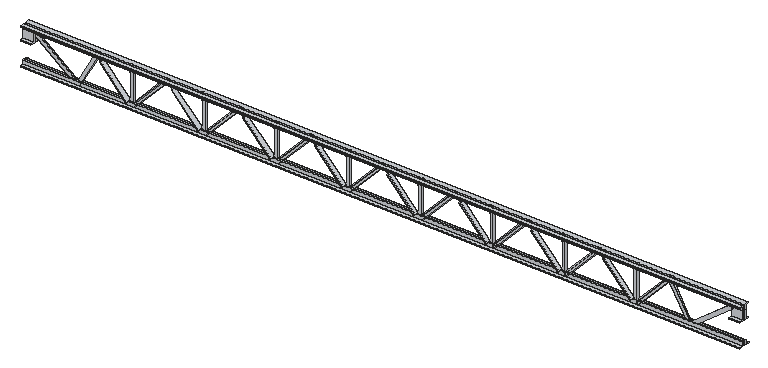
Revit family
Parameters (values of type "508G")
  웹 두께 = 25 mm
  수직 부재 가시성 = yes
  시작 간격띄우기 [instance] = 0 mm
  상단 현재 시작 확장 [instance] = 0 mm
  SpaceNum [instance] = 10
  좌석 길이 = 150 mm
  좌석 깊이 [instance] = 190 mm
  렌더링 재료 = none
  PanelWidth [instance] = Length / SpaceNum  # 1000 mm
  PanelArrayNum [instance] = SpaceNum - 2  # 8
  Panel Point Load [instance] = 18.00 kN
  간격띄우기 길이 2 [instance] = 끝 패널 - 끝 간격띄우기 + 하단 현재 끝 확장  # 1000 mm
  간격띄우기 길이 1 [instance] = 끝 패널 - 시작 간격띄우기 + 하단 현재 시작 확장  # 1000 mm
  간격띄우기 길이 [instance] = 0.3 * (끝 패널 - 시작 간격띄우기 - 좌석 길이)  # 255 mm
  Girder Type = "G"
  끝 패널 [instance] = PanelWidth  # 1000 mm
  끝 간격띄우기 [instance] = 0 mm
  상단 현재 끝 확장 [instance] = 0 mm
  Depth = 508 mm
  현재 다리 = 63.5 mm
  현재 두께 = 12.5 mm
  하단 현재 시작 확장 [instance] = 0 mm
  하단 현재 끝 확장 [instance] = 0 mm
  Assembly Code = "B1010350"
  Length [instance] = 10000 mm
Reference planes
  plane 1 "중심(앞/뒤)": y = 0
  plane 2: z = 0
  plane 3 "중심(왼쪽/오른쪽)": x = 540.246
  plane 4 "왼쪽 부재": x = -3551.39
  plane 5 "오른쪽 부재": x = 3560.61
  plane 6: y = 76
  plane 7: y = -76
  plane 8: z = 254
  plane 9: z = -254
  plane 10 "왼쪽": x = -4459.754
  plane 11 "기호를 왼쪽에 부착": x = -3500.59
  plane 12 "기호를 오른쪽에 부착": x = 3509.81
  plane 13 "오른쪽": x = 5540.246
  plane 14: z = 64
  plane 15: x = -4309.754
  plane 16: x = -3459.754
  plane 17: x = 5390.246
  plane 18: x = 4540.246
  plane 19: y = 12.5
  plane 20: y = -12.5
  plane 21: z = 190.5
  plane 22: z = -190.5
  plane 23: z = -247.65
  plane 24: z = 247.65
  plane 25: x = -4459.754
  plane 26: x = 5540.246
  plane 27: x = -4459.754
  plane 28: x = 5540.246
  plane 29: x = -3714.754
  plane 30: x = 3540.246
  plane 31: x = 4795.246
  plane 32: x = -4459.754
  plane 33: x = 5540.246
Forms (mm)
  Extrusion 1, solid, material <- "렌더링 재료", detail levels medium+fine
    sketch origin (540.246, 0, 0) x (0, 1, 0) y (0, 0, 1)
      loop
        line (76, 254) -> (12.5, 254) -> (12.5, 190.5) -> (25, 190.5) -> (25, 241.5) -> (76, 241.5) -> (76, 254)
      loop
        line (-76, 254) -> (-76, 241.5) -> (-25, 241.5) -> (-25, 190.5) -> (-12.5, 190.5) -> (-12.5, 254) -> (-76, 254)
    from -5000 to 5000
  Extrusion 2, solid, material <- "렌더링 재료", detail levels medium+fine
    sketch origin (540.246, 0, 0) x (0, 1, 0) y (0, 0, 1)
      loop
        line (12.5, -190.5) -> (12.5, -254) -> (76, -254) -> (76, -241.5) -> (25, -241.5) -> (25, -190.5) -> (12.5, -190.5)
      loop
        line (-12.5, -190.5) -> (-25, -190.5) -> (-25, -241.5) -> (-76, -241.5) -> (-76, -254) -> (-12.5, -254) -> (-12.5, -190.5)
    from -5000 to 5000
  Extrusion 3, solid, material <- "렌더링 재료", detail levels medium+fine
    sketch origin (540.246, 0, 0) x (0, 1, 0) y (0, 0, 1)
      loop
        line (76, 64) -> (76, 76.5) -> (25, 76.5) -> (25, 190.5) -> (12.5, 190.5) -> (12.5, 64) -> (76, 64)
      loop
        line (-76, 64) -> (-12.5, 64) -> (-12.5, 190.5) -> (-25, 190.5) -> (-25, 76.5) -> (-76, 76.5) -> (-76, 64)
    from 4850 to 5000
  Extrusion 4, solid, material <- "렌더링 재료", detail levels medium+fine
    sketch origin (540.246, 0, 0) x (0, 1, 0) y (0, 0, 1)
      loop
        line (-76, 64) -> (-12.5, 64) -> (-12.5, 190.5) -> (-25, 190.5) -> (-25, 76.5) -> (-76, 76.5) -> (-76, 64)
      loop
        line (12.5, 64) -> (76, 64) -> (76, 76.5) -> (25, 76.5) -> (25, 190.5) -> (12.5, 190.5) -> (12.5, 64)
    from -5000 to -4850
  Sweep 5, solid, material <- "렌더링 재료", detail levels fine
    path in 3D
      loop
        line (4795.246, 0, -247.65) -> (5390.246, 0, 190.5)
    profile "웹-프로파일 : 웹-프로파일" origin (5092.746, 0, -28.575) x (-0.592961, 0, 0.805231) y (0, -1, 0)
      loop
        line (-25.4, 18.85) -> (-25.4, 6.15) -> (25.4, 6.15) -> (25.4, 18.85) -> (-25.4, 18.85)
  Sweep 6, solid, material <- "렌더링 재료", detail levels fine
    path in 3D
      loop
        line (4540.246, 0, 190.5) -> (4795.246, 0, -247.65)
    profile "웹-프로파일 : 웹-프로파일" origin (4667.746, 0, -28.575) x (0.864283, 0, 0.503006) y (0, -1, 0)
      loop
        line (-25.4, 6.35) -> (-25.4, -6.35) -> (25.4, -6.35) -> (25.4, 6.35) -> (-25.4, 6.35)
  Sweep 7, solid, material <- "렌더링 재료", detail levels fine
    path in 3D
      loop
        line (-4309.754, 0, 190.5) -> (-3714.754, 0, -247.65)
    profile "웹-프로파일 : 웹-프로파일" origin (-4012.254, 0, -28.575) x (0.592961, 0, 0.805231) y (0, -1, 0)
      loop
        line (-25.4, 6.35) -> (-25.4, -6.35) -> (25.4, -6.35) -> (25.4, 6.35) -> (-25.4, 6.35)
  Sweep 8, solid, material <- "렌더링 재료", detail levels fine
    path in 3D
      loop
        line (-3714.754, 0, -247.65) -> (-3459.754, 0, 190.5)
    profile "웹-프로파일 : 웹-프로파일" origin (-3587.254, 0, -28.575) x (-0.864283, 0, 0.503006) y (0, -1, 0)
      loop
        line (-25.4, 6.35) -> (-25.4, -6.35) -> (25.4, -6.35) -> (25.4, 6.35) -> (-25.4, 6.35)
Lines and regions (mm)
  symbolic lines, style "StructuralFraming", detail levels coarse
    curve 1: line (0, 76, 254) -> (0, 12.5, 254)
    curve 2: line (0, -76, -254) -> (0, -12.5, -254)
    curve 14: line (0, 12.5, -254) -> (0, 76, -254)
    curve 15: line (540.246, 12.5, -254) -> (540.246, 12.5, -190.5)
    curve 16: line (540.246, -12.5, -254) -> (540.246, -12.5, -190.5)
    curve 17: line (540.246, -12.5, 254) -> (540.246, -12.5, 190.5)
    curve 18: line (540.246, 12.5, 254) -> (540.246, 12.5, 190.5)
    curve 19: line (0, -12.5, 254) -> (0, -76, 254)
  symbolic lines, style "StructuralFraming", detail levels coarse+medium
    curve 3: line (0, 0, -254) -> (0, 0, 254)
  reference lines
    curve 4: line (-3350.59, 0, -377.508) -> (-3350.59, 0, 333.692)
    curve 5: line (-2350.59, 0, -383.858) -> (-2350.59, 0, 333.692)
    curve 6: line (3359.81, 0, -324.588) -> (3359.81, 0, 335.812)
    curve 7: line (2359.81, 0, -451.588) -> (2359.81, 0, 335.812)
  model lines, style "조이스트 대들보", detail levels coarse
    curve 8: line (2359.81, 0, -254) -> (-2350.59, 0, -254)
    curve 9: line (3509.81, 0, 254) -> (-3500.59, 0, 254)
  model lines, style "StructuralFraming", detail levels medium
    curve 10: line (-3714.754, 0, -247.65) -> (-3459.754, 0, 190.5)
    curve 11: line (-4309.754, 0, 190.5) -> (-3714.754, 0, -247.65)
    curve 12: line (4540.246, 0, 190.5) -> (4795.246, 0, -247.65)
    curve 13: line (4795.246, 0, -247.65) -> (5390.246, 0, 190.5)
  model lines, style "웹 조이스트", detail levels coarse
    curve 20: line (-2350.59, 0, -254) -> (-3350.59, 0, 254)
    curve 21: line (2359.81, 0, -254) -> (3359.81, 0, 254)
  sketch lines
    curve 22: line (4795.246, 0, -247.65) -> (5390.246, 0, 190.5)
    curve 23: line (4540.246, 0, 190.5) -> (4795.246, 0, -247.65)
    curve 24: line (-4309.754, 0, 190.5) -> (-3714.754, 0, -247.65)
    curve 25: line (-3714.754, 0, -247.65) -> (-3459.754, 0, 190.5)
  symbolic lines, detail levels fine
    curve 26: line (540.246, 12.5, 247.65) -> (540.246, -12.5, 247.65)
    curve 27: line (540.246, 12.5, -247.65) -> (540.246, -12.5, -247.65)
    curve 28: line (540.246, 12.5, -190.5) -> (540.246, 12.5, 190.5)
    curve 29: line (540.246, -12.5, -190.5) -> (540.246, -12.5, 190.5)
Dimensions and locks
  equal spacing: plane 9, plane 2, plane 8
  "Length": plane 10 "왼쪽" to plane 13 "오른쪽"
  equal spacing: plane 10 "왼쪽", plane 3 "중심(왼쪽/오른쪽)", plane 13 "오른쪽"
  "좌석 길이": curve 4 to plane 11 "기호를 왼쪽에 부착"
  "끝 패널": curve 5 to curve 4
  "좌석 길이": curve 6 to plane 12 "기호를 오른쪽에 부착"
  "끝 패널": curve 6 to curve 7
  "Depth": plane 9 to plane 8
  "좌석 깊이": plane 8 to plane 14
  "끝 패널": plane 10 "왼쪽" to plane 16
  "끝 패널": plane 13 "오른쪽" to plane 18
  "웹 두께": plane 19 to plane 20
  equal spacing: plane 19, plane 1 "중심(앞/뒤)", plane 20
  "현재 다리": plane 20 to plane 7
  "현재 다리": plane 6 to plane 19
  "현재 다리": plane 9 to plane 22
  "현재 다리": plane 21 to plane 8
  "현재 두께": plane 8 to Extrusion 1 sketch curve
  "현재 두께": Extrusion 1 sketch curve to plane 8
  "현재 두께": plane 20 to Extrusion 1 sketch curve
  "현재 두께": Extrusion 1 sketch curve to plane 19
  "현재 두께": plane 9 to Extrusion 2 sketch curve  (x2)
  "현재 두께": Extrusion 2 sketch curve to plane 19
  "현재 두께": plane 20 to Extrusion 2 sketch curve
  "현재 두께": plane 14 to Extrusion 3 sketch curve  (x2)
  "현재 두께": plane 20 to Extrusion 3 sketch curve
  "현재 두께": Extrusion 3 sketch curve to plane 19
  "현재 두께": plane 14 to Extrusion 4 sketch curve  (x2)
  "현재 두께": Extrusion 4 sketch curve to plane 19
  "현재 두께": plane 20 to Extrusion 4 sketch curve
  locked: plane 23 to plane 9 at 6.35
  locked: plane 8 to plane 24 at 6.35
  "시작 간격띄우기": plane 10 "왼쪽" to plane 27
  "좌석 길이": plane 27 to plane 15
  "상단 현재 시작 확장": plane 25 to plane 27
  "끝 간격띄우기": plane 28 to plane 13 "오른쪽"
  "좌석 길이": plane 17 to plane 28
  "상단 현재 끝 확장": plane 28 to plane 26
  "간격띄우기 길이": plane 16 to plane 29
  "PanelWidth": plane 18 to plane 30
  equal spacing: group 1, group 3, group 4, group 5, group 6, group 7, group 8, group 2  (x3)
  "간격띄우기 길이": plane 31 to plane 18
  "간격띄우기 길이 1": plane 16 to plane 32
  "간격띄우기 길이 2": plane 33 to plane 18
  aligned and locked: curve 8 to plane 9
  aligned and locked: curve 9 to plane 8
  aligned and locked: plane 11 "기호를 왼쪽에 부착" to curve 9
  aligned and locked: curve 5 to curve 8
  aligned and locked: curve 7 to curve 8
  aligned and locked: plane 8 to Extrusion 1 sketch curve
  aligned and locked: Extrusion 1 sketch curve to plane 8
  aligned and locked: plane 6 to Extrusion 1 sketch curve
  aligned and locked: plane 7 to Extrusion 1 sketch curve
  aligned and locked: Extrusion 1 sketch curve to plane 21
  aligned and locked: plane 21 to Extrusion 1 sketch curve
  aligned and locked: plane 9 to Extrusion 2 sketch curve
  aligned and locked: Extrusion 2 sketch curve to plane 9
  aligned and locked: plane 6 to Extrusion 2 sketch curve
  aligned and locked: plane 7 to Extrusion 2 sketch curve
  aligned and locked: plane 19 to Extrusion 2 sketch curve
  aligned and locked: plane 20 to Extrusion 2 sketch curve
  aligned and locked: Extrusion 2 sketch curve to plane 22
  aligned and locked: plane 22 to Extrusion 2 sketch curve
  aligned and locked: Extrusion 3 sketch curve to plane 7
  aligned and locked: plane 14 to Extrusion 3 sketch curve
  aligned and locked: Extrusion 3 sketch curve to plane 14
  aligned and locked: Extrusion 3 sketch curve to plane 6
  aligned and locked: Extrusion 3 sketch curve to plane 20
  aligned and locked: Extrusion 3 sketch curve to plane 19
  aligned and locked: Extrusion 3 sketch curve to plane 21
  aligned and locked: plane 21 to Extrusion 3 sketch curve
  aligned and locked: Extrusion 3 to plane 17
  aligned and locked: plane 6 to Extrusion 4 sketch curve
  aligned and locked: Extrusion 4 sketch curve to plane 7
  aligned and locked: Extrusion 4 sketch curve to plane 19
  aligned and locked: plane 20 to Extrusion 4 sketch curve
  aligned and locked: plane 21 to Extrusion 4 sketch curve  (x2)
  aligned and locked: Extrusion 4 sketch curve to plane 14  (x2)
  aligned and locked: plane 15 to Extrusion 4
  aligned and locked: Extrusion 2 to curve 15
  aligned and locked: curve 15 to Extrusion 2
  aligned and locked: curve 2 to curve 16
  aligned and locked: curve 16 to Extrusion 2
  aligned and locked: Extrusion 1 to curve 17
  aligned and locked: curve 17 to Extrusion 1
  aligned and locked: curve 18 to Extrusion 1  (x2)
  aligned and locked: curve 1 to Extrusion 1
  aligned and locked: plane 12 "기호를 오른쪽에 부착" to curve 9
  aligned and locked: curve 13 to Extrusion 3
  aligned and locked: curve 4 to curve 20
  aligned and locked: curve 6 to curve 21
  aligned and locked: plane 25 to Extrusion 1
  aligned and locked: Extrusion 3 to plane 26
  aligned and locked: Extrusion 1 to plane 26
  aligned and locked: plane 25 to Extrusion 4
  aligned and locked: plane 1 "중심(앞/뒤)" to nested 1
  aligned and locked: nested 1 to plane 16
  aligned and locked: plane 9 to nested 1
  aligned and locked: plane 30 to nested 2
  aligned and locked: plane 9 to nested 2
  aligned and locked: plane 15 to curve 11
  aligned and locked: Extrusion 1 to curve 11
  aligned and locked: plane 29 to curve 11
  aligned and locked: plane 23 to curve 10
  aligned and locked: plane 16 to curve 10
  aligned and locked: Extrusion 1 to curve 10
  aligned and locked: Extrusion 1 to curve 12
  aligned and locked: plane 18 to curve 12
  aligned and locked: plane 23 to curve 13
  aligned and locked: plane 31 to curve 13
  aligned and locked: plane 17 to curve 13
  aligned and locked: Extrusion 2 to plane 32
  aligned and locked: plane 33 to Extrusion 2
Automatic sketch dimensions
  Extrusion 1 sketch curve to plane 20 = 0 mm
  Extrusion 1 sketch curve to plane 19 = 0 mm
  curve 14 to plane 6 = 0 mm
  curve 1 to plane 6 = 0 mm
  curve 14 to plane 9 = 0 mm
  curve 14 to plane 19 = 0 mm
  curve 1 to plane 19 = 0 mm
  curve 19 to plane 8 = 0 mm
  curve 19 to plane 20 = 0 mm
  curve 19 to plane 7 = 0 mm
  plane 9 to curve 7 = 197.588 mm
  plane 9 to curve 5 = 129.858 mm
  plane 9 to curve 4 = 123.508 mm
  plane 9 to curve 6 = 70.588 mm
  curve 5 to plane 8 = 79.692 mm
  curve 4 to plane 8 = 79.692 mm
  curve 7 to plane 8 = 81.812 mm
  curve 6 to plane 8 = 81.812 mm
  curve 2 to plane 7 = 0 mm
  curve 2 to plane 9 = 0 mm
  curve 2 to plane 20 = 0 mm
  curve 3 to plane 1 "중심(앞/뒤)" = 0 mm
  curve 3 to plane 9 = 0 mm
  curve 27 to plane 23 = 0 mm
  curve 29 to plane 22 = 0 mm
  curve 28 to plane 22 = 0 mm
  curve 18 to plane 21 = 0 mm
  curve 17 to plane 21 = 0 mm
  curve 26 to plane 24 = 0 mm
  curve 3 to plane 8 = 0 mm
Nested families
  nested 1: "G 경사 웨브" at (-3459.754, 0, 0), type "G 경사 웨브"
    with 웹 두께 12.5 mm, 두께 25 mm, PanelHeight 508 mm, PanelWidth 1000 mm
  nested 2: "G 경사 웨브" at (3540.246, 0, 0), type "G 경사 웨브"
    with 웹 두께 12.5 mm, 두께 25 mm, PanelHeight 508 mm, PanelWidth 1000 mm
  nested 3: "G 경사 웨브" at (-2459.754, 0, 0), type "G 경사 웨브"
    with 웹 두께 12.5 mm, 두께 25 mm, PanelHeight 508 mm, PanelWidth 1000 mm
  nested 4: "G 경사 웨브" at (-1459.754, 0, 0), type "G 경사 웨브"
    with 웹 두께 12.5 mm, 두께 25 mm, PanelHeight 508 mm, PanelWidth 1000 mm
  nested 5: "G 경사 웨브" at (-459.754, 0, 0), type "G 경사 웨브"
    with 웹 두께 12.5 mm, 두께 25 mm, PanelHeight 508 mm, PanelWidth 1000 mm
  nested 6: "G 경사 웨브" at (540.246, 0, 0), type "G 경사 웨브"
    with 웹 두께 12.5 mm, 두께 25 mm, PanelHeight 508 mm, PanelWidth 1000 mm
  nested 7: "G 경사 웨브" at (1540.246, 0, 0), type "G 경사 웨브"
    with 웹 두께 12.5 mm, 두께 25 mm, PanelHeight 508 mm, PanelWidth 1000 mm
  nested 8: "G 경사 웨브" at (2540.246, 0, 0), type "G 경사 웨브"
    with 웹 두께 12.5 mm, 두께 25 mm, PanelHeight 508 mm, PanelWidth 1000 mm
Definition of nested family "G 경사 웨브"
  Parameters (values of type "G 경사 웨브")
    웹 재료 = none
    웹 두께 = 두께 / 2  # 12.7 mm
    웹 간격띄우기 = 웹 다리 / 2  # 25.4 mm
    웹 다리 = 50.8 mm
    수직 부재 가시성 = yes
    두께 = 25.4 mm
    PanelHeight = 609.6 mm
    PanelWidth = 1828.8 mm
    Assembly Code = ""
  Reference planes
    plane 1 "중심(앞/뒤)": y = 0
    plane 2: z = 0
    plane 3 "중심(왼쪽/오른쪽)": x = 0
    plane 4: x = 1828.8
    plane 5: x = 914.4
    plane 6: z = -304.8
    plane 7: z = 279.4
    plane 8: z = 304.8
    plane 9: y = -12.7
    plane 10: y = 12.7
    plane 11: z = 241.3
    plane 12: z = -241.3
    plane 13: z = -279.4
  Forms (mm)
    Sweep 1, solid, material <- "웹 재료", detail levels fine
      path in 3D
        loop
          line (0, 0, 279.4) -> (25.4, 0, 279.4) -> (889, 0, -279.4) -> (939.8, 0, -279.4)
      profile origin (12.7, 0, 279.4) x (0, 0, 1) y (0, -1, 0)
        loop
          line (25.4, 0) -> (25.4, 12.7) -> (-25.4, 12.7) -> (-25.4, 0) -> (25.4, 0)
    Sweep 2, solid, material <- "웹 재료", detail levels fine
      path in 3D
        loop
          line (1828.8, 0, 279.4) -> (1803.4, 0, 279.4) -> (939.8, 0, -279.4) -> (889, 0, -279.4)
      profile origin (1816.1, 0, 279.4) x (0, 0, -1) y (0, -1, 0)
        loop
          line (-25.4, -12.7) -> (25.4, -12.7) -> (25.4, 0) -> (-25.4, 0) -> (-25.4, -12.7)
    Sweep 3, solid, material <- "웹 재료", detail levels fine
      path origin (0, -12.7, 254) x (1, 0, 0) y (0, 0, 1)
        loop
          line (876.874, -495.3) -> (131.037, -12.7)
      profile origin (503.956, -12.7, 0) x (-0.543251, 0, -0.83957) y (0, -1, 0)
        loop
          line (0, 0) -> (12.7, 0) -> (12.7, 50.8) -> (0, 50.8) -> (0, 0)
    Sweep 4, solid, material <- "웹 재료", detail levels fine
      path origin (1828.8, 12.7, 254) x (-1, 0, 0) y (0, 0, 1)
        loop
          line (876.874, -495.3) -> (131.037, -12.7)
      profile origin (1324.844, 12.7, 0) x (0.543251, 0, -0.83957) y (0, 1, 0)
        loop
          line (0, 0) -> (12.7, 0) -> (12.7, 50.8) -> (0, 50.8) -> (0, 0)
    Sweep 5, solid, material <- "웹 재료", visible <- "수직 부재 가시성", detail levels fine
      path origin (0, 0, 0) x (1, 0, 0) y (0, 1, 0)
        loop
          line (914.4, 12.7) -> (914.4, -12.7)
      profile origin (914.4, 0, 0) x (1, 0, 0) y (0, 0, 1)
        loop
          line (-25.4, 304.8) -> (-25.4, 222.25) -> (-14.288, 211.138) -> (-14.288, -211.138) -> (-25.4, -222.25) -> (-25.4, -304.8) -> (25.4, -304.8) -> (25.4, 304.8) -> (-25.4, 304.8)
  Cuts and joins
    joined: Sweep 1, Sweep 3
    joined: Sweep 2, Sweep 4
  Lines and regions (mm)
    model lines, style "InvisibleLines"
      curve 1: line (0, 0, -304.8) -> (0, 0, 304.8)
      curve 2: line (0, 0, 304.8) -> (1828.8, 0, 304.8)
      curve 3: line (1828.8, 0, 304.8) -> (1828.8, 0, -304.8)
      curve 4: line (1828.8, 0, -304.8) -> (0, 0, -304.8)
    model lines, style "StructuralFraming", detail levels medium
      curve 5: line (889, 0, -279.4) -> (939.8, 0, -279.4)
      curve 6: line (0, 0, 279.4) -> (25.4, 0, 279.4)
      curve 7: line (1828.8, 0, 279.4) -> (1803.4, 0, 279.4)
      curve 8: line (25.4, 0, 279.4) -> (889, 0, -279.4)
      curve 9: line (939.8, 0, -279.4) -> (1803.4, 0, 279.4)
    sketch lines
      curve 10: line (0, 0, 279.4) -> (25.4, 0, 279.4)
      curve 11: line (25.4, 0, 279.4) -> (889, 0, -279.4)
      curve 12: line (889, 0, -279.4) -> (939.8, 0, -279.4)
      curve 13: line (1828.8, 0, 279.4) -> (1803.4, 0, 279.4)
      curve 14: line (939.8, 0, -279.4) -> (1803.4, 0, 279.4)
      curve 15: line (889, 0, -279.4) -> (939.8, 0, -279.4)
    model lines, visible <- "수직 부재 가시성", detail levels medium
      curve 16: line (914.4, 0, -279.4) -> (914.4, 0, 304.8)
  Dimensions and locks
    "PanelWidth": plane 4 to plane 3 "중심(왼쪽/오른쪽)"
    equal spacing: plane 4, plane 5, plane 3 "중심(왼쪽/오른쪽)"
    "웹 간격띄우기": plane 8 to plane 7
    "PanelHeight": plane 8 to plane 6
    equal spacing: plane 8, plane 2, plane 6
    "두께": plane 10 to plane 9
    equal spacing: plane 10, plane 1 "중심(앞/뒤)", plane 9
    locked: plane 8 to plane 11 at 63.5
    plane 12 to plane 6 = 63.5 mm
    "두께": plane 13 to plane 6
    "웹 간격띄우기": curve 6 to curve 6
    "웹 간격띄우기": curve 5 to plane 5
    "웹 간격띄우기": plane 5 to curve 5
    "웹 다리": Sweep 2 sketch curve to Sweep 2 sketch curve
    "웹 두께": Sweep 3 sketch curve to Sweep 3 sketch curve
    "웹 다리": Sweep 3 sketch curve to Sweep 3 sketch curve
    "웹 두께": Sweep 2 to Sweep 4 sketch curve
    "웹 다리": Sweep 4 sketch curve to Sweep 4 sketch curve
    "웹 다리": plane 8 to Sweep 1 sketch curve
    equal spacing: Sweep 1 sketch curve, plane 7, Sweep 1 sketch curve
    equal spacing: Sweep 2 sketch curve, profile plane, Sweep 2 sketch curve
    "웹 간격띄우기": curve 7 to curve 3
    equal spacing: Sweep 5 sketch curve, plane 5, Sweep 5 sketch curve
    "웹 다리": Sweep 5 sketch curve to Sweep 5 sketch curve
    locked: Sweep 5 sketch curve to Sweep 5 sketch curve at 82.55  (x2)
    locked: Sweep 5 sketch curve to Sweep 5 sketch curve at 11.112
    equal spacing: Sweep 5 sketch curve, plane 2, Sweep 5 sketch curve
    locked: Sweep 5 sketch curve to Sweep 5 sketch curve (angle 45.00°)  (x2)
    aligned and locked: plane 8 to curve 2
    aligned and locked: plane 7 to curve 6
    aligned and locked: plane 3 "중심(왼쪽/오른쪽)" to curve 6
    aligned and locked: curve 5 to plane 13
    aligned and locked: Sweep 1 sketch curve to plane 9
    aligned and locked: plane 1 "중심(앞/뒤)" to Sweep 1 sketch curve
    aligned and locked: Sweep 2 sketch curve to profile plane
    aligned and locked: plane 10 to Sweep 2 sketch curve
    aligned and locked: plane 9 to Sweep 3 sketch curve
    aligned and locked: Sweep 1 to Sweep 3 sketch curve
    aligned and locked: plane 11 to Sweep 3 sketch curve
    aligned and locked: plane 12 to Sweep 3 sketch curve
    aligned and locked: Sweep 2 to Sweep 4 sketch curve  (x2)
    aligned and locked: plane 11 to Sweep 4 sketch curve
    aligned and locked: plane 12 to Sweep 4 sketch curve
    aligned and locked: curve 7 to plane 7
    aligned and locked: curve 4 to plane 6
    aligned and locked: plane 4 to curve 3
    aligned and locked: plane 5 to Sweep 5 sketch curve
    aligned and locked: plane 10 to Sweep 5 sketch curve
    aligned and locked: plane 9 to Sweep 5 sketch curve
    aligned and locked: plane 8 to Sweep 5 sketch curve
    aligned and locked: Sweep 5 sketch curve to plane 6
    aligned and locked: curve 16 to plane 5
    aligned and locked: curve 16 to plane 8
    aligned and locked: plane 13 to curve 16
  Automatic sketch dimensions
    Sweep 3 sketch curve to profile plane = 0 mm
    Sweep 4 sketch curve to profile plane = 0 mm
